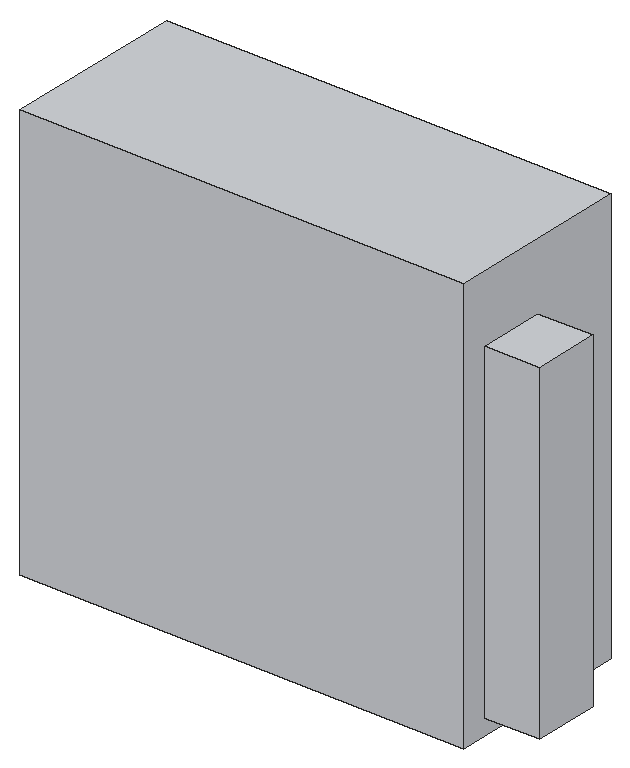
Revit family "EQM-CONDENSADORA_RETANGULAR-SPLIT-P7000_60000BTU", category Equipamento mecânico, Revit 2025
Family settings
  Cota do conector redondo = Utilizar diâmetro
  Classificação = Nenhum
  Tipo de parte = Normal
  Com base no plano de trabalho = Não
  Sempre na vertical = Sim
  Corte com vazios quando carregada = Não
  Manter orientação da anotação = Não
  Compartilhado = Não
  Ponto de cálculo do ambiente = Não
Parameters (values of type "9000 BTU/h")
  Raio do conector = Diâmetro frigorígena / 2  # 37.5 mm
  Profundidade do conector = 10 mm
  Profundidade = 330 mm
  Offset proteção dos conectores = 30 mm
  Largura da proteção = 100 mm
  Largura = 800 mm
  Elevação padrão = 0 mm
  Diâmetro frigorígena = 75 mm
  Comprimento da proteção = 120 mm
  Comprimento = 560 mm
  BTU [instance] = 0 W
  Altura do conector = 150 mm
  Altura da proteção = 600 mm
  Altura = 750 mm
Reference planes
  plane 1 "Center (Front/Back)": y = 0
  plane 2: z = 0
  plane 3 "Center (Left/Right)": x = 0
  plane 4 "Largura Máquina B": x = -400
  plane 5 "Largura Máquina A": x = 400
  plane 6 "Profundidade Total B": y = 165
  plane 7 "Profundidade Total A": y = -165
  plane 8 "Altura Maquina": z = 750
  plane 9 "Largura Proteção C": x = 500
  plane 10 "Comprimento Proteção": y = -120
  plane 11 "Altura Proteção": z = 630
  plane 12 "Offset Proteção": z = 30
  plane 13 "Profundidade do coenctor": y = -10
Forms (mm)
  Extrusion 1, solid
    sketch origin (0, 0, 0) x (1, 0, 0) y (0, 1, 0)
      loop
        line (-400, 165) -> (-400, -165) -> (400, -165) -> (400, 165) -> (-400, 165)
    from 0 to 750
  Extrusion 2, solid
    sketch origin (0, 0, 0) x (1, 0, 0) y (0, 1, 0)
      loop
        line (400, 0) -> (400, -120) -> (500, -120) -> (500, 0) -> (400, 0)
    from 30 to 630
  Extrusion 3, void
    sketch origin (0, 0, 0) x (1, 0, 0) y (0, 0, 1)
      loop
        circle (450, 180) r 37.5
    from 0 to 10
Cuts and joins
  Extrusion 3 cuts Extrusion 2
Dimensions and locks
  equal spacing: plane 4 "Largura Máquina B", plane 3 "Center (Left/Right)", plane 5 "Largura Máquina A"
  "Largura": plane 4 "Largura Máquina B" to plane 5 "Largura Máquina A"
  equal spacing: plane 6 "Profundidade Total B", plane 1 "Center (Front/Back)", plane 7 "Profundidade Total A"
  "Profundidade": plane 6 "Profundidade Total B" to plane 7 "Profundidade Total A"
  "Altura": plane 8 "Altura Maquina" to level
  "Offset proteção dos conectores": plane 12 "Offset Proteção" to level
  "Altura da proteção": plane 11 "Altura Proteção" to plane 12 "Offset Proteção"
  "Largura da proteção": plane 5 "Largura Máquina A" to plane 9 "Largura Proteção C"
  "Comprimento da proteção": plane 1 "Center (Front/Back)" to plane 10 "Comprimento Proteção"
  equal spacing: plane 9 "Largura Proteção C", Extrusion 3 sketch curve, plane 5 "Largura Máquina A"
  "Altura do conector": Extrusion 3 sketch curve to plane 12 "Offset Proteção"
  "Profundidade do conector": plane 1 "Center (Front/Back)" to plane 13 "Profundidade do coenctor"
  "Raio do conector": radius of Extrusion 3 sketch curve
  aligned and locked: level to plane 2
  aligned and locked: plane 6 "Profundidade Total B" to Extrusion 1
  aligned and locked: Extrusion 1 to plane 7 "Profundidade Total A"
  aligned and locked: Extrusion 1 to plane 5 "Largura Máquina A"
  aligned and locked: Extrusion 1 to plane 4 "Largura Máquina B"
  aligned and locked: plane 8 "Altura Maquina" to Extrusion 1
  aligned and locked: plane 5 "Largura Máquina A" to Extrusion 2
  aligned and locked: Extrusion 2 to plane 1 "Center (Front/Back)"
  aligned and locked: plane 9 "Largura Proteção C" to Extrusion 2
  aligned and locked: Extrusion 2 to plane 10 "Comprimento Proteção"
  aligned and locked: plane 11 "Altura Proteção" to Extrusion 2
  aligned and locked: Extrusion 2 to plane 12 "Offset Proteção"
  aligned and locked: cut or joined group of Extrusion 2, Extrusion 3 to plane 1 "Center (Front/Back)"
  aligned and locked: cut or joined group of Extrusion 2, Extrusion 3 to plane 13 "Profundidade do coenctor"
Automatic sketch dimensions
  Extrusion 1 sketch curve to plane 4 "Largura Máquina B" = 0 mm
  Extrusion 1 sketch curve to plane 5 "Largura Máquina A" = 0 mm
  plane 7 "Profundidade Total A" to Extrusion 1 sketch curve = 0 mm
  Extrusion 1 sketch curve to plane 6 "Profundidade Total B" = 0 mm
  Extrusion 2 sketch curve to plane 5 "Largura Máquina A" = 0 mm
  plane 1 "Center (Front/Back)" to Extrusion 2 sketch curve = 0 mm
  Extrusion 2 sketch curve to plane 9 "Largura Proteção C" = 0 mm
  Extrusion 2 sketch curve to plane 7 "Profundidade Total A" = 45 mm
Connectors
  hvac at (450, -10, 180), driven by "Diâmetro frigorígena"
    settings: on cut or joined group of Extrusion 2, Extrusion 3, index 1, duct flow 0.0 L/s, flow factor 0, pres drop 0.0 Pa, loss coef 0, conn angle 0.00°, conn width 304.8 mm, conn height 304.8 mm, conn diameter 75 mm, duct sys type 1, conn prof type 0, flow config 0, flow direction 0, loss method 0, conn ref index -1, conn util no, is conn primary yes, conn desc ""
